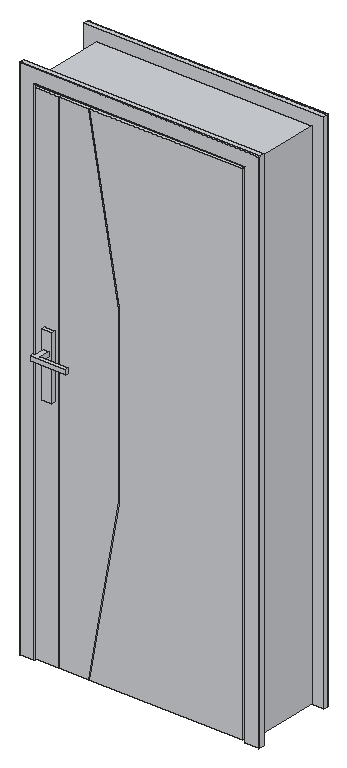
Revit family "NaturaIMPRESSbp_1", category Drzwi, Revit 2016
Family settings
  Obiekt nadrzędny = Ściana
  Zawsze pionowo = Tak
  Tnij formami wycięć po wczytaniu = Nie
  Współdzielony = Nie
  Punkt obliczania pomieszczeń = Nie
Parameters (values of type "PN 80")
  Zakres szerokości muru [instance] = if(and(Szerokość ściany > 94 mm, Szerokość ściany < 120 mm), "B", (if(and(Szerokość ściany > 119 mm, Szerokość ściany < 140 mm), "C", (if(and(Szerokość ściany > 139 mm, Szerokość ściany < 160 mm), "D", (if(and(Szerokość ściany > 159 mm, Szerokość ściany < 180 mm), "E", (if(and(Szerokość ściany > 179 mm, Szerokość ściany < 200 mm), "F", (if(and(Szerokość ściany > 199 mm, Szerokość ściany < 220 mm), "G", (if(and(Szerokość ściany > 219 mm, Szerokość ściany < 240 mm), "H", (if(and(Szerokość ściany > 239 mm, Szerokość ściany < 260 mm), "I", (if(and(Szerokość ściany > 259 mm, Szerokość ściany < 280 mm), "J", (if(and(Szerokość ściany > 279 mm, Szerokość ściany < 301 mm), "K", "BRAK")))))))))))))))))))  # "K"
  Wysokość brutto = 2060 mm
  Szerokość ściany [instance] = 300 mm
  Szerokość brutto = 880 mm
  Model = "Natura IMPRESS 1"
  Materiał_relief = none
  Konstrukcja analityczna = "<Brak>"
  Funkcja = Wewnętrzna
  URL = "www.porta.com.pl"
  Ss = 818 mm
  Sb = 846 mm
  Producent = "PORTA KMI POLAND"  # constant formula
  Keynote = ""
  Opis = "Własność Porta KMI Poland, wszelkie prawa zastrzeżone."  # constant formula
  Wysokość = 2016 mm
  Zakończenie ściany = Wg obiektu nadrzędnego
  Szerokość = 800 mm
  Materiał_skrzydło [instance] = none
  Materiał_ościeżnica [instance] = none
  Materiał_klamka [instance] = none
  Hs = 2017 mm
Types (5, lengths in mm): name | Szerokość brutto | Ss | Sb | Szerokość
  PN 70 | 780 | 718 | 746 | 700
  PN 60 | 680 | 618 | 646 | 600
  PN 80 | 880 | 818 | 846 | 800
  PN 90 | 980 | 918 | 946 | 900
  PN 100 | 1080 | 1018 | 1046 | 1000
Reference planes
  plane 1: y = 0
  plane 2 "Środek (Lewa/Prawa)": x = 0
  plane 3 "Lewy": x = -440
  plane 4 "Prawy": x = 440
  plane 5: z = 2060
  plane 6 "Zewnętrzna": y = 150
  plane 7 "Wewnętrzna": y = -150
  plane 8 "skrzydło": y = -129
  plane 9: x = -409
  plane 10: x = 409
Forms (mm)
  Sweep 1, solid, material <- "Materiał_ościeżnica"
    path in 3D
      loop
        line (-440, -150, 0) -> (-440, -150, 2060) -> (440, -150, 2060) -> (440, -150, 0)
    profile origin (-440, -150, 1030) x (0, -1, 0) y (1, 0, 0)
      loop
        line (-24, 39) -> (-72, 39) -> (-72, 17) -> (0, 17) -> (0, -33) -> (16, -33)
        arc (16, -33) -> (18.121, -32.121) -> (19, -30) r 3
        line (19, -30) -> (19, 24)
        arc (19, 24) -> (18.121, 26.121) -> (16, 27) r 3
        line (16, 27) -> (-24, 27) -> (-24, 39)
  Sweep 2, solid, material <- "Materiał_ościeżnica"
    path in 3D
      loop
        line (440, 150, 0) -> (440, 150, 2060) -> (-440, 150, 2060) -> (-440, 150, 0)
    profile origin (-440, 150, 1030) x (1, 0, 0) y (0, 1, 0)
      loop
        line (-33, 0) -> (17, 0) -> (17, -228) -> (39, -228) -> (39, -1)
        arc (39, -1) -> (37.536, 2.536) -> (34, 4) r 5
        line (34, 4) -> (25, 4) -> (25, 16)
        arc (25, 16) -> (24.121, 18.121) -> (22, 19) r 3
        line (22, 19) -> (-30, 19)
        arc (-30, 19) -> (-32.121, 18.121) -> (-33, 16) r 3
        line (-33, 16) -> (-33, 0)
  Sweep 3, solid, not visible
    path in 3D
      loop
        line (-440, -150, 0) -> (-440, -150, 2060)
    profile origin (-440, -150, 1030) x (0, -1, 0) y (1, 0, 0)
      loop
        line (-151, 17) -> (-149, 17) -> (-149, 19) -> (-151, 19) -> (-151, 17)
Cuts and joins
  joined: Sweep 1, Sweep 2
Lines and regions (mm)
  Opening 1
    outline origin (-3050, -150, 0) x (1, 0, 0) y (0, 0, 1)
      loop
        line (2610, 0) -> (3490, 0) -> (3490, 2060) -> (2610, 2060) -> (2610, 0)
  sketch lines
    curve 1: line (-440, -150, 0) -> (-440, -150, 2060)
    curve 2: line (-440, -150, 2060) -> (440, -150, 2060)
    curve 3: line (440, -150, 2060) -> (440, -150, 0)
    curve 4: line (-440, 150, 2060) -> (-440, 150, 0)
    curve 5: line (440, 150, 2060) -> (-440, 150, 2060)
    curve 6: line (440, 150, 0) -> (440, 150, 2060)
    curve 12: line (-440, -150, 0) -> (-440, -150, 2060)
  symbolic lines, style "DoorsPanelProjection"
    curve 7: line (409, -150, 0) -> (409, -968, 0)
    curve 8: line (409, -968, 0) -> (369, -968, 0)
    curve 9: line (369, -968, 0) -> (369, -150, 0)
    curve 10: line (369, -150, 0) -> (409, -150, 0)
  symbolic lines, style "Ugięcie rzutu"
    curve 11: arc (-409, -150, 0) -> (-169.413, -728.413, 0) -> (409, -968, 0) r 818
Text (mm)
  text "Zewnętrzna" at (-2295.016, 1099.543, 0), in view "Poziom odniesienia"
  text "Zewnętrzna" at (0, 1615.38, 3698.081), in view "Lewy"
  text "Zewnętrzna" at (0, 1036.032, 3874.932), in view "Prawy"
Dimensions and locks
  equal spacing: plane 3 "Lewy", plane 2 "Środek (Lewa/Prawa)", plane 4 "Prawy"
  "Szerokość brutto": plane 3 "Lewy" to plane 4 "Prawy"
  "Wysokość brutto": plane 5 to host wall
  host wall to plane 5 = 2060 mm  (x2)
  locked: plane 6 "Zewnętrzna" to host wall at 0
  locked: plane 7 "Wewnętrzna" to host wall
  "Sb": Sweep 1 to Sweep 1
  locked: Sweep 1 sketch curve to Sweep 1 sketch curve at 22
  Sweep 1 sketch curve to Sweep 1 sketch curve = 50 mm
  locked: Sweep 1 sketch curve to profile plane at 72
  locked: Sweep 2 sketch curve to Sweep 2 sketch curve at 50
  locked: Sweep 2 sketch curve to Sweep 2 sketch curve at 22
  locked: Sweep 2 sketch curve to plane 6 "Zewnętrzna" at 1
  locked: curve 9 to curve 7 at 40
  "Ss": curve 8 to curve 10
  equal spacing: curve 11, plane 2 "Środek (Lewa/Prawa)", curve 7
  locked: plane 7 "Wewnętrzna" to plane 8 "skrzydło" at 21
  locked: host wall to Sweep 3 sketch curve at 1
  locked: Sweep 3 sketch curve to host wall at 1
  locked: Sweep 3 sketch curve to plane 6 "Zewnętrzna" at 151
  locked: plane 7 "Wewnętrzna" to Sweep 3 sketch curve at 151
  nested 1 to plane 2 "Środek (Lewa/Prawa)" to nested 1 = 409 mm, 409 mm
  locked: nested 1 to level at 8
  "Szerokość ściany": host wall to host wall
  equal spacing: plane 9, plane 2 "Środek (Lewa/Prawa)", plane 10
  "Ss": plane 9 to plane 10
  aligned and locked: plane 3 "Lewy" to Opening 1 sketch curve
  aligned and locked: plane 5 to Opening 1 sketch curve  (x2)
  aligned and locked: Opening 1 sketch curve to plane 4 "Prawy"
  aligned and locked: Opening 1 sketch curve to level
  aligned and locked: plane 1 to host wall
  aligned and locked: Sweep 1 to Sweep 2 sketch curve
  aligned and locked: plane 7 "Wewnętrzna" to curve 10
  aligned and locked: Sweep 3 sketch curve to cut or joined group of Sweep 1, Sweep 2
  aligned and locked: Sweep 2 sketch curve to cut or joined group of Sweep 1, Sweep 2
  aligned and locked: nested 1 to plane 8 "skrzydło"
  aligned and locked: nested 1 to plane 9
Automatic sketch dimensions
  profile plane to Sweep 1 sketch curve = 24 mm
  Sweep 1 sketch curve to profile plane = 16 mm  (x2)
  Sweep 1 sketch curve to Sweep 1 sketch curve = 3 mm
  profile plane to Sweep 1 sketch curve = 17 mm
  Sweep 1 sketch curve to Sweep 1 sketch curve = 7 mm
  Sweep 1 sketch curve to profile plane = 0 mm
  Sweep 2 sketch curve to profile plane = 0 mm
  Sweep 2 sketch curve to profile plane = 16 mm
  Sweep 2 sketch curve to Sweep 2 sketch curve = 3 mm
  Sweep 2 sketch curve to Sweep 2 sketch curve = 5 mm
  Sweep 2 sketch curve to profile plane = 4 mm
  Sweep 2 sketch curve to Sweep 2 sketch curve = 8 mm
  curve 11 to host wall = 0 mm
  Sweep 3 sketch curve to Sweep 3 sketch curve = 2 mm
Nested families
  nested 1: "skrzydło" at (0, -135.5, 0), type "skrzydło"
Definition of nested family "skrzydło"
  Parameters
    Ss = 818 mm
    Materiał_skrzydło = none
    Materiał_klamka = none
    Materiał relief = none
    Hs = 2017 mm
  Reference planes
    plane 1 "Tył": y = 6.5
    plane 2: z = 0
    plane 3 "Środek (Lewa/Prawa)": x = 0
    plane 4 "Przód": y = -33.5
    plane 5: z = 2025
    plane 6 "Centrum": y = -13.5
    plane 7: z = 8
    plane 8: x = -409
    plane 9: x = 409
  Forms (mm)
    Extrusion 1, solid, material <- "Materiał_skrzydło"
      sketch origin (-892.016, -13.5, 1200) x (-1, 0, 0) y (0, 0, 1)
        loop
          line (-483.016, -1192) -> (-483.016, 825) -> (-572.516, 825) -> (-572.516, -1192) -> (-483.016, -1192)
        loop
          line (-1301.016, -1192) -> (-692.516, -1192)
          arc (-692.516, -1192) -> (-826.516, -183.5) -> (-692.516, 825) r 3862.046
          line (-692.516, 825) -> (-1301.016, 825) -> (-1301.016, -1192)
      from 20 to -20
    Extrusion 2, solid, material <- "Materiał relief"
      sketch origin (0, 6.5, 0) x (1, 0, 0) y (0, 0, 1)
        loop
          line (-319.5, 8) -> (-199.5, 8)
          arc (-199.5, 8) -> (-65.5, 1016.5) -> (-199.5, 2025) r 3862.046
          line (-199.5, 2025) -> (-319.5, 2025) -> (-319.5, 8)
      from 0 to 40
  Dimensions and locks
    locked: plane 7 to level at 8
    "Hs": plane 5 to plane 7
    locked: nested 1 to plane 7 at 934
    locked: plane 7 to nested 2 at 934
    equal spacing: plane 4 "Przód", plane 6 "Centrum", plane 1 "Tył"
    "Ss": plane 8 to plane 9
    locked: plane 8 to nested 1 at 55
    locked: plane 8 to nested 2 at 55
    aligned and locked: nested 1 to plane 4 "Przód"
    aligned and locked: nested 2 to nested 1
    aligned and locked: plane 8 to Extrusion 1 sketch curve
    aligned and locked: Extrusion 1 sketch curve to plane 9
    aligned and locked: Extrusion 1 to plane 4 "Przód"
    aligned and locked: Extrusion 1 to plane 1 "Tył"
    aligned and locked: Extrusion 2 sketch curve to Extrusion 1  (x2)
    aligned and locked: Extrusion 2 sketch curve to plane 5
    aligned and locked: Extrusion 2 sketch curve to plane 7
    aligned and locked: Extrusion 2 to plane 4 "Przód"
  Automatic sketch dimensions
    Extrusion 1 sketch curve to plane 7 = 0 mm  (x2)
    Extrusion 1 sketch curve to plane 5 = 0 mm  (x2)
    Extrusion 1 sketch curve to plane 3 "Środek (Lewa/Prawa)" = 199.5 mm  (x2)
    Extrusion 1 sketch curve to Extrusion 1 sketch curve = 89.5 mm
    plane 8 to Extrusion 1 sketch curve = 3518.546 mm
  Nested families
    nested 1: "KLAMKA" at (-354, -33.5, 1067), Materiał klamki <- "Materiał_klamka", type "KLAMKA"
      with Materiał klamki none
    nested 2: "KLAMKA" at (-354, 6.5, 1067), Materiał klamki <- "Materiał_klamka", type "KLAMKA"
      with Materiał klamki none
  Definition of nested family "KLAMKA"
    Parameters
      Materiał klamki [instance] = none
      Assembly Code = ""
      Default Elevation = 1219.2 mm
    Reference planes
      plane 1 "Center (Front/Back)": y = 0
      plane 2: z = 0
      plane 3 "Center (Left/Right)": x = 0
      plane 4: z = 125
      plane 5: z = -125
      plane 6: x = 20
      plane 7: x = -20
      plane 8: y = -70
      plane 9: y = -60
      plane 10: x = 10
      plane 11: x = -10
      plane 12: x = 120
      plane 13: z = 35
      plane 14: z = 55
      plane 15: y = -15
    Forms (mm)
      Extrusion 1, solid, material <- "Materiał klamki"
        sketch origin (0, 0, 0) x (1, 0, 0) y (0, 0, 1)
          loop
            line (-20, 125) -> (-20, -125) -> (20, -125) -> (20, 125) -> (-20, 125)
        from 0 to 15
      Extrusion 2, solid, material <- "Materiał klamki"
        sketch origin (0, 0, 0) x (1, 0, 0) y (0, 1, 0)
          loop
            line (-10, -15) -> (-10, -60) -> (-20, -60) -> (-20, -70) -> (120, -70) -> (120, -60) -> (10, -60) -> (10, -15) -> (-10, -15)
        from 35 to 55
    Dimensions and locks
      equal spacing: plane 4, plane 2, plane 5
      plane 4 to plane 5 = 250 mm
      equal spacing: plane 7, plane 3 "Center (Left/Right)", plane 6
      plane 7 to plane 6 = 40 mm
      plane 8 to plane 1 "Center (Front/Back)" = 70 mm
      plane 11 to plane 3 "Center (Left/Right)" to plane 10 = 10 mm locked, 10 mm locked
      plane 7 to plane 12 = 140 mm
      plane 15 to plane 1 "Center (Front/Back)" = 15 mm
      aligned and locked: plane 7 to Extrusion 1 sketch curve
      aligned and locked: Extrusion 1 sketch curve to plane 4
      aligned and locked: plane 5 to Extrusion 1 sketch curve
      aligned and locked: Extrusion 1 sketch curve to plane 6
      aligned and locked: plane 15 to Extrusion 1
      aligned and locked: Extrusion 1 to plane 1 "Center (Front/Back)"
      aligned and locked: plane 14 to Extrusion 2
      aligned and locked: Extrusion 2 to plane 13
    Automatic sketch dimensions
      Extrusion 2 sketch curve to plane 7 = 0 mm
      Extrusion 2 sketch curve to plane 9 = 0 mm  (x2)
      Extrusion 2 sketch curve to plane 11 = 0 mm
      Extrusion 2 sketch curve to plane 10 = 0 mm
      Extrusion 2 sketch curve to plane 12 = 0 mm
      Extrusion 2 sketch curve to plane 8 = 0 mm
      Extrusion 2 sketch curve to plane 15 = 0 mm
